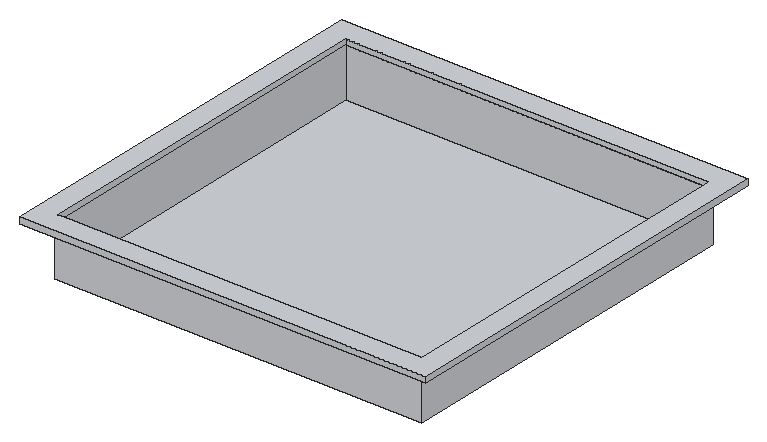
Revit family "Hager-FW-IP30-Without_Door-With_notch-leer-CH-de", category Electrical Equipment, host Face, Revit 2020
Family settings
  Host = Face
  Panel Configuration = Two Columns, Circuits Across
  Round Connector Dimension = Use Diameter
  Part Type = Panelboard
  Cut with Voids When Loaded = No
  Shared = No
  Room Calculation Point = No
Parameters (values of type "Unterputz IP30 B853 H853 T125 0 Teilungseinheiten - FWU53L")
  Width Control [instance] = if([HG000006 - Unterputz], if([EF000846 - Einbaubreite] > min_whd, [EF000846 - Einbaubreite], min_whd), if([EF000008 - Breite] > min_whd, ([EF000008 - Breite]), min_whd))  # 810 mm
  Void Depth [instance] = if([HG000006 - Unterputz], Depth Control, 1 mm)  # 112 mm
  Type Comments = [HG000003 - Bereich]  # "FW"
  System Height [instance] = Height Control - 2 * [HG000005 - Dicke]  # 796 mm
  Model = [HG000004 - Herstellerreferenz]  # "FWU53L"
  HG000017 - Distanz zwischen den Polen = 18 mm
  HG000016 - 3D-Türsichtbarkeit [instance] = yes
  HG000015 - Sichtbarkeit der Türöffnung [instance] = no
  HG000014 - Tür rechts [instance] = yes
  HG000013 - Tür links [instance] = not([HG000014 - Tür rechts])  # no
  HG000012 - Türschwenkwinkel [instance] = 45.00°
  HG000011 - Leere Reihen von unten = no
  HG000010 - Asymmetrische Türen = no
  HG000009 - Doppelflügeligen Tür = no
  HG000008 - Anzahl der leeren Reihen = 0
  HG000007 - Anzahl der leeren Spalten = 0
  HG000006 - Unterputz = yes
  HG000005 - Dicke = 3 mm  # constant formula
  HG000004 - Herstellerreferenz = "FWU53L"
  HG000003 - Bereich = "FW"
  HG000002 - Mit tür = no
  HG000001 - Anzahl der Spalten = 0
  EF015941 - Signaldurchlassende Tür = no
  EF015777 - Neutralleiterklemmenblock = no
  EF015776 - Erdungsklemmenblock = no
  EF009212 - Ausführung Deckel = "EV009916 - mit Ausschnitt"
  EF006306 - Mit Schloss = no
  EF006244 - Transparenter Deckel/Tür = yes
  EF005474 - Schutzart (IP) = "EV006410 - IP30"
  EF004462 - Art der Schließung = "EV000154 - sonstige"
  EF002950 - Breite in Teilungseinheiten = 0
  EF001596 - Werkstoff des Gehäuses = "EV000179 - Stahl"
  EF001134 - DIN-Schiene = yes
  EF001131 - Innentiefe = 112 mm
  EF001088 - Anbaumöglichkeit = yes
  EF001062 - EMV-Ausführung = no
  EF000846 - Einbaubreite = 810 mm
  EF000339 - Art der Abdeckung = "EV000494 - ohne"
  EF000332 - Einbauhöhe = 802 mm
  EF000266 - Anzahl der Reihen = 0
  EF000218 - Einbautiefe = 112 mm
  EF000118 - Mit Montageplatte = no
  EF000116 - RAL-Nummer = ""
  EF000049 - Tiefe = 125 mm
  EF000040 - Höhe = 853 mm
  EF000008 - Breite = 853 mm
  EF000007 - Farbe = "EV000202 - weiß"
  EF000003 - Montageart = "EV000128 - Hohlwand"
  Arrow Offset [instance] = Depth Control / 8  # 14 mm
  Arrow Height [instance] = Depth Control - Arrow Offset  # 98 mm
  Host Offset [instance] = if([HG000006 - Unterputz], 0 mm, [EF000049 - Tiefe])  # 0 mm
  min_whd [instance] = (2 * [HG000005 - Dicke]) + 1 mm  # 7 mm
  Manufacturer = "Hager"  # constant formula
  Height Control [instance] = if([HG000006 - Unterputz], if([EF000332 - Einbauhöhe] > min_whd, [EF000332 - Einbauhöhe], min_whd), if([EF000040 - Höhe] > min_whd, ([EF000040 - Höhe]), min_whd))  # 802 mm
  Flush Mounted - Door Frame Width [instance] = if(([EF000040 - Höhe] - [EF000332 - Einbauhöhe]) > 0 mm, if([HG000006 - Unterputz], [EF000040 - Höhe] - [EF000332 - Einbauhöhe], 0 mm), 0 mm)  # 51 mm
  Depth Control [instance] = if([HG000006 - Unterputz], if([EF000218 - Einbautiefe] > 0 mm, [EF000218 - Einbautiefe], 1 mm), if([EF000049 - Tiefe] > 0 mm, ([EF000049 - Tiefe]), 1 mm))  # 112 mm
  Default Elevation = 0 mm
Types (16, lengths in mm): name | Width Control | System Height | Model | HG000004 - Herstellerreferenz | EF000846 - Einbaubreite | EF000332 - Einbauhöhe | EF000040 - Höhe | EF000008 - Breite | Height Control
  Unterputz IP30 B353 H1003 T125 0 Teilungseinheiten - FWU61L | 310 | 946 | "FWU61L" | "FWU61L" | 310 | 952 | 1003 | 353 | 952
  Unterputz IP30 B353 H1153 T125 0 Teilungseinheiten - FWU71L | 310 | 1096 | "FWU71L" | "FWU71L" | 310 | 1102 | 1153 | 353 | 1102
  Unterputz IP30 B353 H1303 T125 0 Teilungseinheiten - FWU81L | 310 | 1246 | "FWU81L" | "FWU81L" | 310 | 1252 | 1303 | 353 | 1252
  Unterputz IP30 B353 H553 T125 0 Teilungseinheiten - FWU31L | 310 | 496 | "FWU31L" | "FWU31L" | 310 | 502 | 553 | 353 | 502
  Unterputz IP30 B353 H703 T125 0 Teilungseinheiten - FWU41L | 310 | 646 | "FWU41L" | "FWU41L" | 310 | 652 | 703 | 353 | 652
  Unterputz IP30 B353 H853 T125 0 Teilungseinheiten - FWU51L | 310 | 796 | "FWU51L" | "FWU51L" | 310 | 802 | 853 | 353 | 802
  Unterputz IP30 B603 H1003 T125 0 Teilungseinheiten - FWU62L | 560 | 946 | "FWU62L" | "FWU62L" | 560 | 952 | 1003 | 603 | 952
  Unterputz IP30 B603 H1153 T125 0 Teilungseinheiten - FWU72L | 560 | 1096 | "FWU72L" | "FWU72L" | 560 | 1102 | 1153 | 603 | 1102
  Unterputz IP30 B603 H553 T125 0 Teilungseinheiten - FWU32L | 560 | 496 | "FWU32L" | "FWU32L" | 560 | 502 | 553 | 603 | 502
  Unterputz IP30 B603 H703 T125 0 Teilungseinheiten - FWU42L | 560 | 646 | "FWU42L" | "FWU42L" | 560 | 652 | 703 | 603 | 652
  Unterputz IP30 B603 H853 T125 0 Teilungseinheiten - FWU52L | 560 | 796 | "FWU52L" | "FWU52L" | 560 | 802 | 853 | 603 | 802
  Unterputz IP30 B853 H1003 T125 0 Teilungseinheiten - FWU63L | 810 | 946 | "FWU63L" | "FWU63L" | 810 | 952 | 1003 | 853 | 952
  Unterputz IP30 B853 H1153 T125 0 Teilungseinheiten - FWU73L | 810 | 1096 | "FWU73L" | "FWU73L" | 810 | 1102 | 1153 | 853 | 1102
  Unterputz IP30 B853 H553 T125 0 Teilungseinheiten - FWU33L | 810 | 496 | "FWU33L" | "FWU33L" | 810 | 502 | 553 | 853 | 502
  Unterputz IP30 B853 H703 T125 0 Teilungseinheiten - FWU43L | 810 | 646 | "FWU43L" | "FWU43L" | 810 | 652 | 703 | 853 | 652
  Unterputz IP30 B853 H853 T125 0 Teilungseinheiten - FWU53L | 810 | 796 | "FWU53L" | "FWU53L" | 810 | 802 | 853 | 853 | 802
Reference planes
  plane 1 "Center (Front/Back)": y = 0
  plane 2: z = 0
  plane 3 "Center (Left/Right)": x = 0
  plane 4: z = 0
  plane 5: y = 54
  plane 6: z = -5
  plane 7: y = 452
  plane 8: y = 51
  plane 9: y = 853
  plane 10: z = -112
  plane 11: x = -405
  plane 12: x = 405
  plane 13: x = 402
  plane 14: x = -402
  plane 15: y = 850
  plane 16: z = -109
  plane 17: z = -3
  plane 18: z = -112
  plane 19: z = -3
Forms (mm)
  Extrusion 1, solid
    sketch origin (-583.045, 51, 1219.2) x (-1, 0, 0) y (0, 0, 1)
      loop
        line (-178.045, -1219.2) -> (-988.045, -1219.2) -> (-988.045, -1331.2) -> (-178.045, -1331.2) -> (-178.045, -1219.2)
    from 0 to 802 <- "Height Control"
  Extrusion 2, void
    sketch origin (-381.607, -4572, 0) x (0, -1, 0) y (-1, 0, 0)
      loop
        line (-5422, 20.393) -> (-5422, -783.607) -> (-4626, -783.607) -> (-4626, 20.393) -> (-5422, 20.393)
    from 0 to 109
  Extrusion 3, void
    sketch origin (0, 0, 0) x (1, 0, 0) y (0, 1, 0)
      loop
        line (-405, 51) -> (405, 51) -> (405, 853) -> (-405, 853) -> (-405, 51)
    from -112 to 1
  Extrusion 4, solid, detail levels coarse+medium
    sketch origin (-381.607, -4572, 0) x (-1, 0, 0) y (0, -1, 0)
      loop
        line (20.393, -5422) -> (20.393, -4626) -> (-783.607, -4626) -> (-783.607, -5422) -> (20.393, -5422)
    from 0 to -3
Cuts and joins
  Extrusion 2 cuts Extrusion 1
Dimensions and locks
  plane 4 to plane 6 = 5 mm
  "Host Offset": plane 4 to host face
  "Flush Mounted - Door Frame Width": plane 1 "Center (Front/Back)" to plane 8
  "HG000005 - Dicke": plane 5 to plane 8
  locked: connector elem to plane 3 "Center (Left/Right)"
  "Height Control": plane 9 to plane 8
  equal spacing: plane 9, plane 7, plane 8
  locked: connector elem to plane 7
  "Depth Control": plane 4 to plane 10
  "HG000005 - Dicke": plane 11 to plane 14
  "HG000005 - Dicke": plane 12 to plane 13
  equal spacing: plane 11, plane 3 "Center (Left/Right)", plane 12
  "Width Control": plane 11 to plane 12
  "Arrow Offset": nested 4 to plane 10
  "HG000005 - Dicke": plane 9 to plane 15
  "HG000005 - Dicke": plane 16 to plane 10
  "HG000005 - Dicke": plane 4 to plane 17
  "Void Depth": plane 2 to plane 18
  "HG000005 - Dicke": plane 4 to plane 19
  aligned and locked: plane 2 to host face
  aligned and locked: level to host face
  aligned and locked: plane 3 "Center (Left/Right)" to nested 2
  aligned and locked: nested 2 to plane 4
  aligned and locked: nested 2 to plane 8
  aligned and locked: nested 1 to plane 6
  aligned and locked: nested 1 to plane 5
  aligned and locked: nested 4 to plane 11
  aligned and locked: nested 3 to plane 4
  aligned and locked: Extrusion 1 sketch curve to plane 12
  aligned and locked: Extrusion 1 sketch curve to plane 11
  aligned and locked: nested 3 to plane 10
  aligned and locked: plane 10 to Extrusion 1 sketch curve
  aligned and locked: Extrusion 2 sketch curve to plane 5
  aligned and locked: Extrusion 2 sketch curve to plane 15
  aligned and locked: Extrusion 2 sketch curve to plane 14
  aligned and locked: Extrusion 2 sketch curve to plane 13
  aligned and locked: plane 11 to Extrusion 3 sketch curve
  aligned and locked: plane 9 to Extrusion 3 sketch curve
  aligned and locked: Extrusion 3 sketch curve to plane 8
  aligned and locked: plane 12 to Extrusion 3 sketch curve
  aligned and locked: nested 3 to plane 12
  aligned and locked: Extrusion 3 to plane 18
  aligned and locked: Extrusion 2 to plane 16
  aligned and locked: Extrusion 1 sketch curve to plane 4
  aligned and locked: Extrusion 4 to plane 17
  aligned and locked: Extrusion 4 sketch curve to plane 15
  aligned and locked: Extrusion 4 sketch curve to plane 13
  aligned and locked: Extrusion 4 sketch curve to plane 14
  aligned and locked: Extrusion 4 sketch curve to plane 5
Automatic sketch dimensions
  host sketch curve to host sketch curve = 1469.727 mm
  host sketch curve to host sketch curve = 1434.803 mm
Nested families
  nested 1: "Hager_Enclosure_System" at (0, 54, -5) x (1, 0, 0) z (0, 1, 0), Depth <- "HG000005 - Dicke", Height <- "System Height", Width <- "EF000008 - Breite", Border <- "HG000005 - Dicke", Flush_Mounted <- "HG000006 - Unterputz", Built-in_Width <- "EF000846 - Einbaubreite", Row_Module_Multiplicator <- "EF002950 - Breite in Teilungseinheiten", Total_No_Empty_Rows <- "HG000008 - Anzahl der leeren Reihen", Total_No_Rows <- "EF000266 - Anzahl der Reihen", Empty_Columns <- "HG000007 - Anzahl der leeren Spalten", Width_Control <- "Width Control", Empty_Rows_From_Bottom <- "HG000011 - Leere Reihen von unten", Distance_Between_Poles <- "HG000017 - Distanz zwischen den Polen", Rows_Count <- "EF000266 - Anzahl der Reihen", Columns_Count <- "HG000001 - Anzahl der Spalten", type "Hager_Enclosure_System", detail levels fine
    with Width_Control 810 mm, Width 853 mm, Total_No_Rows 0, Total_No_Empty_Rows 0, Total_No_Columns 1, System_Width 804 mm, Rows_Count 0, Rows_Column 0, Row_Module_Multiplicator 0, Panel_4 no, Panel_3 no, Panel_2 no, Panel_1 no, No_Panels_Ctrl 1, Hide_Columns yes, Height 796 mm, Flush_Mounted yes, Empty_Rows_From_Bottom no, Empty_Rows_Column 0, Empty_Columns 0, Distance_Between_Poles 18 mm, Depth 3 mm, Columns_Count 0, Column_Width 804 mm, Built-in_Width 810 mm, Border 3 mm
  nested 2: "Hager_Enclosure_Door" at (0, 51, 0) x (1, 0, 0) z (0, 1, 0), Border <- "HG000005 - Dicke", Door_Right <- "HG000014 - Tür rechts", Flush_Mounted <- "HG000006 - Unterputz", Depth <- "EF000049 - Tiefe", Width <- "EF000008 - Breite", Door_Left <- "HG000013 - Tür links", 3d_Door <- "HG000016 - 3D-Türsichtbarkeit", BuiltIn_Width <- "EF000846 - Einbaubreite", BuiltIn_Height <- "EF000332 - Einbauhöhe", BuiltIn_Depth <- "EF000218 - Einbautiefe", Angle <- "HG000012 - Türschwenkwinkel", Assymetrical <- "HG000010 - Asymmetrische Türen", Double <- "HG000009 - Doppelflügeligen Tür", Clearance <- "HG000015 - Sichtbarkeit der Türöffnung", Transparent <- "EF006244 - Transparenter Deckel/Tür", Door <- "HG000002 - Mit tür", Height_Ctrl <- "Height Control", Width_Ctrl <- "Width Control", Height <- "EF000040 - Höhe", type "Hager_Enclosure_Door", detail levels medium+fine
    with min_wh 7 mm, Width_Ctrl 810 mm, Width 853 mm, Transparent_Door_No_Bottom_Border no, Transparent yes, Leaf_Width 801 mm, Leaf_Tolerance 1.5 mm, Leaf_Height 793 mm, Leaf_2_Width 801 mm, Leaf_2_Offset 400.5 mm, Leaf_1_Width 801 mm, Leaf_1_Offset 400.5 mm, Height_Ctrl 802 mm, Height 853 mm, Frame_Width_Ctrl 43 mm, Frame_Width 43 mm, Frame_Internal_Offset 3 mm, Frame_Height_Ctrl 51 mm, Frame_Height 51 mm, Frame_Depth_Ctrl 13 mm, Frame_Depth 13 mm, Flush_Mounted yes, Double_Clearance_Ctrl no, Double no, Door_Right_Ctrl no, Door_Right yes, Door_Left_Ctrl no, Door_Left no, Door no, Depth 125 mm, Clearance_Depth 801 mm, Clearance_Ctrl no, Clearance no, BuiltIn_Width 810 mm, BuiltIn_Height 802 mm, BuiltIn_Depth 112 mm, Border 3 mm, Assymetrical no, Angle 45.00°, 3d_Door yes
  nested 3: "Hager_Enclosure_Symbol_Triangle" at (-405, 0, -112) x (1, 0, 0) z (0, -1, 0), Depth <- "Depth Control", Width <- "Width Control", type "Hager_Enclosure_Symbol_Triangle"
    with Width_Ctrl 810 mm, Width 810 mm, Depth_Ctrl 112 mm, Depth 112 mm
  nested 4: "Hager_Enclosure_Symbol_Arrow" at (-405, 0, -98) x (1, 0, 0) z (0, -1, 0), Height <- "Arrow Height", type "Hager_Enclosure_Symbol_Arrow"
    with Width_Inside 7.35 mm, Width 88.2 mm, Height_Ctrl 98 mm, Height 98 mm
Connectors
  electrical at (0, 452, -112)
    settings: on plane 10, index 1, voltage 0 V, apparent load 0 VA, apparent load phase1 0 VA, apparent load phase2 0 VA, apparent load phase3 0 VA, power factor 1, load classification "Other", number of poles 1, system type 30, power factor state 1, is connector primary yes, connector utility no, sub classification motor no, connector description ""
Definition of nested family "Hager_Enclosure_Door"
  Parameters (values of type "Hager_Enclosure_Door")
    min_wh [instance] = (2 * Border) + 1 mm  # 11 mm
    Width_Ctrl [instance] = 400 mm
    Width [instance] = 500 mm
    Transparent_Door_No_Bottom_Border [instance] = no
    Transparent [instance] = yes
    Leaf_Width [instance] = if((Width_Ctrl - 2 * Border - 2 * Leaf_Tolerance) > 0 mm, (Width_Ctrl - 2 * Border - 2 * Leaf_Tolerance), min_wh)  # 387 mm
    Leaf_Tolerance [instance] = 1.5 mm  # constant formula
    Leaf_Height [instance] = if((Height_Ctrl - 2 * Border - 2 * Leaf_Tolerance) > 0 mm, (Height_Ctrl - 2 * Border - 2 * Leaf_Tolerance), min_wh)  # 387 mm
    Leaf_2_Width [instance] = if(and(and(Double, Assymetrical), Door_Left), (Leaf_Width / 3) - (Leaf_Tolerance / 2), if(and(and(Double, Assymetrical), Door_Right), (Leaf_Width / 3) * 2 - (Leaf_Tolerance / 2), if(and(Double, not(Assymetrical)), (Leaf_Width / 2) - Leaf_Tolerance, Leaf_Width)))  # 387 mm
    Leaf_2_Offset [instance] = if(and(Double, Assymetrical), Leaf_2_Width / 2, if(and(Double, not(Assymetrical)), Leaf_Width / 4, Leaf_Width / 2))  # 193.5 mm
    Leaf_1_Width [instance] = if(and(and(Double, Assymetrical), Door_Right), (Leaf_Width / 3) - (Leaf_Tolerance / 2), if(and(and(Double, Assymetrical), Door_Left), (Width / 3) * 2 - (Leaf_Tolerance / 2), if(and(Double, not(Assymetrical)), (Leaf_Width / 2) - Leaf_Tolerance, Leaf_Width)))  # 387 mm
    Leaf_1_Offset [instance] = if(and(Double, Assymetrical), Leaf_1_Width / 2, if(and(Double, not(Assymetrical)), Leaf_Width / 4, Leaf_Width / 2))  # 193.5 mm
    Height_Ctrl [instance] = 400 mm
    Height [instance] = 500 mm
    Frame_Width_Ctrl [instance] = if(Frame_Width > 0 mm, Frame_Width, 1 mm)  # 1 mm
    Frame_Width [instance] = Width - BuiltIn_Width  # 0 mm
    Frame_Internal_Offset [instance] = if(Flush_Mounted, Border, 0 mm)  # 5 mm
    Frame_Height_Ctrl [instance] = if(Frame_Height > 0 mm, Frame_Height, 1 mm)  # 1 mm
    Frame_Height [instance] = Height - BuiltIn_Height  # 0 mm
    Frame_Depth_Ctrl [instance] = if(Frame_Depth > 0 mm, Frame_Depth, 1 mm)  # 1 mm
    Frame_Depth [instance] = if(Depth - BuiltIn_Depth > 0 mm, if(Flush_Mounted, Depth - BuiltIn_Depth, 0 mm), 0 mm)  # 0 mm
    Flush_Mounted [instance] = yes
    Double_Clearance_Ctrl [instance] = and(Double, Clearance)  # no
    Double [instance] = no
    Door_Right_Ctrl [instance] = and(or(Door_Right, Double), Door)  # yes
    Door_Right [instance] = yes
    Door_Left_Ctrl [instance] = and(or(Door_Left, Double), Door)  # no
    Door_Left [instance] = no
    Door [instance] = yes
    Depth [instance] = 500 mm
    Default Elevation = 1219.2 mm
    Clearance_Material = none
    Clearance_Depth [instance] = if(Leaf_1_Width > Leaf_2_Width, Leaf_1_Width, Leaf_2_Width)  # 387 mm
    Clearance_Ctrl [instance] = and(not(Double), Clearance)  # yes
    Clearance [instance] = yes
    BuiltIn_Width [instance] = 500 mm
    BuiltIn_Height [instance] = 500 mm
    BuiltIn_Depth [instance] = 500 mm
    Border [instance] = 5 mm
    Assymetrical [instance] = yes
    Angle [instance] = 30.00°
    3d_Door [instance] = yes
  Reference planes
    plane 1 "Center (Front/Back)": y = 0
    plane 2 "Bottom": z = 0
    plane 3 "Center (Left/Right)": x = 0
    plane 4: z = 400
    plane 5: x = -200
    plane 6: x = 200
    plane 7: z = 395
    plane 8: x = -195
    plane 9: z = 5
    plane 10: x = 195
    plane 11: y = 0
    plane 12: z = 6.5
    plane 13: x = -582
    plane 14: y = -387
    plane 15: x = 582
    plane 16: x = 0
    plane 17: x = 0
    plane 18: x = -193.5
    plane 19: x = 193.5
    plane 20: z = 393.5
  Forms (mm)
    Extrusion 1, solid, visible <- "Flush_Mounted"
      sketch origin (0, 0, 0) x (1, 0, 0) y (0, 0, 1)
        loop
          line (195, 5) -> (195, 395) -> (-195, 395) -> (-195, 5) -> (195, 5)
        loop
          line (-201, 401) -> (-201, -1) -> (201, -1) -> (201, 401) -> (-201, 401)
      from 0 to 1 <- "Frame_Depth_Ctrl"
    Extrusion 2, solid, material <- "Clearance_Material", visible <- "Double_Clearance_Ctrl"
      sketch origin (1200, 0, 0) x (1, 0, 0) y (0, 0, -1)
        loop
          line (-1782, -393.5) -> (-618, -393.5) -> (-618, 0) -> (-1782, 0) -> (-1782, -393.5)
      from 0 to -387
  Dimensions and locks
    equal spacing: plane 5, plane 3 "Center (Left/Right)", plane 6
    "Width_Ctrl": plane 5 to plane 6
    "Border": plane 5 to plane 8
    "Border": plane 6 to plane 10
    "Border": plane 9 to level
    "Border": plane 4 to plane 7
    "Height_Ctrl": plane 4 to level
    "Leaf_Tolerance": plane 12 to plane 9
    "Frame_Depth": plane 11 to plane 1 "Center (Front/Back)"
    "Frame_Width_Ctrl": plane 5 to Extrusion 1 sketch curve
    "Frame_Width_Ctrl": plane 6 to Extrusion 1 sketch curve
    "Frame_Width_Ctrl": Extrusion 1 sketch curve to plane 4
    "Frame_Width_Ctrl": plane 2 "Bottom" to Extrusion 1 sketch curve
    "Leaf_1_Offset": plane 18 to plane 16
    "Leaf_2_Offset": plane 17 to plane 19
    "Leaf_1_Width": plane 13 to plane 8
    "Leaf_2_Width": plane 10 to plane 15
    "Clearance_Depth": plane 14 to plane 1 "Center (Front/Back)"
    "Leaf_Tolerance": plane 8 to plane 18
    "Leaf_Tolerance": plane 19 to plane 10
    "Leaf_Tolerance": plane 7 to plane 20
    "Frame_Internal_Offset": plane 5 to Extrusion 1 sketch curve
    "Frame_Internal_Offset": Extrusion 1 sketch curve to plane 2 "Bottom"
    "Frame_Internal_Offset": plane 6 to Extrusion 1 sketch curve
    "Frame_Internal_Offset": plane 4 to Extrusion 1 sketch curve
    aligned and locked: level to plane 2 "Bottom"
    aligned and locked: nested 1 to plane 16
    aligned and locked: nested 2 to plane 17
    aligned and locked: Extrusion 2 to plane 13
    aligned and locked: plane 15 to Extrusion 2
    aligned and locked: Extrusion 2 to plane 14
    aligned and locked: plane 12 to nested 1
    aligned and locked: nested 2 to plane 12
    aligned and locked: Extrusion 2 to plane 11
    aligned and locked: plane 20 to Extrusion 2
    aligned and locked: nested 2 to plane 11
    aligned and locked: nested 1 to plane 11
  Automatic sketch dimensions
    Extrusion 2 sketch curve to level = 0 mm
    plane 5 to Extrusion 2 sketch curve = 382 mm
    plane 6 to Extrusion 2 sketch curve = 382 mm
    Extrusion 2 sketch curve to plane 4 = 6.5 mm
  Nested families
    nested 1: "Hager_Enclosure_Door_Leaf" at (0, 0, 6.5), Width <- "Leaf_1_Width", visible <- "Door_Left_Ctrl", Leaf_Height <- "Leaf_Height", Angle <- "Angle", Depth <- "Border", 3d_Door <- "3d_Door", Transparent <- "Transparent", Clearance Material <- "Clearance_Material", Clearance <- "Clearance_Ctrl", Transparent_Door_No_Bottom_Border <- "Transparent_Door_No_Bottom_Border", type "Hager_Enclosure_Door_Leaf"
      with Width 387 mm, Transparent_Door_No_Bottom_Border no, Transparent_Door_Border_Bottom_Top 25 mm, Transparent_Door_Border 25 mm, Transparent_Ctrl yes, Transparent yes, Standard no, Leaf_Height 387 mm, Glass_Offset 1 mm, Depth 5 mm, Clearance Material none, Clearance yes, Angle_Ctrl 30.00°, Angle 30.00°, 3d_Door yes
    nested 2: "Hager_Enclosure_Door_Leaf" at (0, 0, 6.5) x (-1, 0, 0) z (0, 0, 1), Width <- "Leaf_2_Width", visible <- "Door_Right_Ctrl", Leaf_Height <- "Leaf_Height", Angle <- "Angle", Depth <- "Border", 3d_Door <- "3d_Door", Transparent <- "Transparent", Clearance Material <- "Clearance_Material", Clearance <- "Clearance_Ctrl", Transparent_Door_No_Bottom_Border <- "Transparent_Door_No_Bottom_Border", type "Hager_Enclosure_Door_Leaf"
      with Width 387 mm, Transparent_Door_No_Bottom_Border no, Transparent_Door_Border_Bottom_Top 25 mm, Transparent_Door_Border 25 mm, Transparent_Ctrl yes, Transparent yes, Standard no, Leaf_Height 387 mm, Glass_Offset 1 mm, Depth 5 mm, Clearance Material none, Clearance yes, Angle_Ctrl 30.00°, Angle 30.00°, 3d_Door yes
  Definition of nested family "Hager_Enclosure_Door_Leaf"
    Parameters (values of type "Hager_Enclosure_Door_Leaf")
      Width [instance] = 2000 mm
      Transparent_Door_No_Bottom_Border [instance] = yes
      Transparent_Door_Border_Bottom_Top [instance] = if(Transparent_Door_No_Bottom_Border, 0.1 mm, Transparent_Door_Border)  # 0.1 mm
      Transparent_Door_Border [instance] = if(Transparent_Door_No_Bottom_Border, (Width * 0.12), 25 mm)  # 240 mm
      Transparent_Ctrl [instance] = and(Transparent, [3d_Door])  # yes
      Transparent [instance] = yes
      Standard [instance] = and(not(Transparent), [3d_Door])  # no
      Leaf_Height [instance] = 2720.336 mm
      Glass_Offset [instance] = if((Depth - 10 mm) / 2 > 0 mm, (Depth - 10 mm) / 2, 1 mm)  # 15 mm
      Glass_Material = none
      Depth [instance] = 40 mm
      Default Elevation = 0 mm
      Clearance Material [instance] = none
      Clearance [instance] = yes
      Angle_Ctrl [instance] = if(Angle > 170.00°, 170.00°, Angle)  # 45.00°
      Angle [instance] = 45.00°
      3d_Door [instance] = yes
    Reference planes
      plane 1 "Center (Front/Back)": y = 0
      plane 2: z = 0
      plane 3 "Center (Left/Right)": x = 0
      plane 4: y = 2000
      plane 5: x = -1000
      plane 6: x = 1000
      plane 7: x = -3000
      plane 8: z = 2720.336
      plane 9: z = 0.1
      plane 10: z = 2720.236
      plane 11: x = 760
      plane 12: x = -760
    Forms (mm)
      Extrusion 1, solid, material <- "Clearance Material", visible <- "Clearance"
        sketch origin (0, 0, 0) x (1, 0, 0) y (0, 0, 1)
          loop
            line (-3000, 2720.336) -> (-3000, 0) -> (1000, 0) -> (1000, 2720.336) -> (-3000, 2720.336)
        from 0 to -2000
      Extrusion 2, solid, visible <- "Standard", detail levels medium+fine
        sketch origin (-1000, 0, 0) x (0.707107, 0.707107, 0) y (-0.707107, 0.707107, 0)
          loop
            line (0, -40) -> (2000, -40) -> (2000, 0) -> (0, 0) -> (0, -40)
        from 0 to 2720.336 <- "Leaf_Height"
      Extrusion 3, solid, visible <- "Transparent_Ctrl", detail levels medium+fine
        sketch origin (-1000, 0, 0) x (0.707107, 0.707107, 0) y (-0.707107, 0.707107, 0)
          loop
            line (0, -40) -> (2000, -40) -> (2000, 0) -> (0, 0) -> (0, -40)
        from 0 to 2720.336 <- "Leaf_Height"
      Extrusion 4, void, detail levels medium+fine
        sketch origin (-1000, 0, 0) x (-0.707107, 0.707107, 0) y (0.707107, 0.707107, 0)
          loop
            line (0, 240) -> (0, 1760) -> (-40, 1760) -> (-40, 240) -> (0, 240)
        from -2720.236 to -0.1
      Extrusion 5, solid, material <- "Glass_Material", visible <- "Transparent_Ctrl", detail levels medium+fine
        sketch origin (-1000, 0, 0) x (0.707107, 0.707107, 0) y (-0.707107, 0.707107, 0)
          loop
            line (240, -15) -> (240, -25) -> (1760, -25) -> (1760, -15) -> (240, -15)
        from 0.1 to 2720.236
    Cuts and joins
      Extrusion 4 cuts Extrusion 3
    Lines and regions (mm)
      symbolic lines
        curve 1: line (1000, 0, 0) -> (-3000, 0, 0)
        curve 2: arc (1000, 0, 0) -> (-1000, 2000, 0) -> (-3000, 0, 0) r 2000
        curve 4: line (-1000, 0, 0) -> (414.214, 1414.214, 0)
      reference lines
        curve 3: line (-1000, 0, 0) -> (414.214, 1414.214, 0)
      symbolic lines, detail levels medium+fine
        curve 5: line (414.214, 1414.214, 0) -> (442.498, 1385.929, 0)
        curve 6: line (442.498, 1385.929, 0) -> (-971.716, -28.284, 0)
        curve 7: line (-971.716, -28.284, 0) -> (-1000, 0, 0)
        curve 8: line (-1000, 0, 2720.336) -> (1000, 0, 2720.336)
        curve 9: line (-1000, 0, 0) -> (-1000, 0, 2720.336)
        curve 10: line (1000, 0, 0) -> (-1000, 0, 0)
        curve 11: line (1000, 0, 2720.336) -> (1000, 0, 0)
      symbolic lines, visible <- "Transparent_Ctrl", detail levels medium+fine
        curve 12: line (-760, 0, 2720.236) -> (760, 0, 2720.236)
        curve 13: line (-760, 0, 0.1) -> (-760, 0, 2720.236)
        curve 14: line (760, 0, 0.1) -> (-760, 0, 0.1)
        curve 15: line (760, 0, 2720.236) -> (760, 0, 0.1)
    Dimensions and locks
      "Width": plane 1 "Center (Front/Back)" to plane 4
      equal spacing: plane 5, plane 3 "Center (Left/Right)", plane 6
      "Width": plane 5 to plane 6
      "Width": plane 7 to plane 5
      "Leaf_Height": plane 8 to level
      "Depth": curve 6 to curve 3
      "Width": curve 5 to curve 3
      "Width": curve 3 to curve 3
      "Transparent_Door_Border": Extrusion 4 sketch curve to curve 7
      "Transparent_Door_Border": Extrusion 4 sketch curve to curve 5
      "Transparent_Door_Border_Bottom_Top": plane 8 to plane 10
      "Transparent_Door_Border_Bottom_Top": plane 9 to level
      "Glass_Offset": Extrusion 5 sketch curve to curve 4
      "Glass_Offset": Extrusion 5 sketch curve to curve 6
      "Transparent_Door_Border": Extrusion 5 sketch curve to curve 5
      "Transparent_Door_Border": Extrusion 5 sketch curve to curve 7
      "Transparent_Door_Border": plane 12 to plane 5
      "Transparent_Door_Border": plane 6 to plane 11
      "Angle_Ctrl": angle plane 1 "Center (Front/Back)" to curve 3
      aligned and locked: level to plane 2
      aligned and locked: Extrusion 1 to curve 1
      aligned and locked: plane 6 to Extrusion 1
      aligned and locked: Extrusion 1 to plane 1 "Center (Front/Back)"
      aligned and locked: plane 4 to Extrusion 1
      aligned and locked: plane 8 to Extrusion 1
      aligned and locked: curve 4 to curve 3
      aligned and locked: Extrusion 2 sketch curve to curve 7
      aligned and locked: Extrusion 2 sketch curve to curve 6
      aligned and locked: Extrusion 2 sketch curve to curve 5
      aligned and locked: Extrusion 2 sketch curve to curve 3
      aligned and locked: curve 7 to Extrusion 3 sketch curve
      aligned and locked: Extrusion 3 sketch curve to curve 4
      aligned and locked: Extrusion 3 sketch curve to curve 6
      aligned and locked: Extrusion 3 sketch curve to curve 5
      aligned and locked: curve 4 to Extrusion 4 sketch curve
      aligned and locked: curve 6 to Extrusion 4 sketch curve
      aligned and locked: Extrusion 4 to plane 9
      aligned and locked: Extrusion 4 to plane 10
      aligned and locked: Extrusion 5 to plane 9
      aligned and locked: Extrusion 5 to plane 10
      aligned and locked: curve 8 to plane 8
      aligned and locked: plane 5 to curve 9
      aligned and locked: plane 2 to curve 10
      aligned and locked: curve 11 to plane 6
      aligned and locked: plane 10 to curve 12
      aligned and locked: plane 12 to curve 13
      aligned and locked: curve 14 to plane 9
      aligned and locked: plane 11 to curve 15
    Automatic sketch dimensions
      plane 1 "Center (Front/Back)" to curve 2 = 0 mm
      curve 2 to plane 5 = 0 mm
      Extrusion 1 sketch curve to level = 0 mm
      Extrusion 1 sketch curve to plane 7 = 0 mm
      Extrusion 1 sketch curve to plane 6 = 0 mm
      Extrusion 1 sketch curve to plane 8 = 0 mm
      plane 1 "Center (Front/Back)" to curve 3 = 0 mm
      curve 3 to plane 5 = 0 mm
      curve 7 to curve 3 = 0 mm
Definition of nested family "Hager_Enclosure_Symbol_Triangle"
  Parameters (values of type "Hager_Enclosure_Symbol_Triangle")
    Width_Ctrl [instance] = if(Width > 1 mm, Width, 1 mm)  # 498 mm
    Width [instance] = 498 mm
    Depth_Ctrl [instance] = if(Depth > 1 mm, Depth, 1 mm)  # 72 mm
    Depth [instance] = 72 mm
  Reference planes
    plane 1 "Centre (avant/arrière)": y = 0
    plane 2: z = 0
    plane 3 "Centre (gauche/droite)": x = 0
  Lines and regions (mm)
    Filled region 1, type "Solid_Black", in view "Niveau de réf."
      outline origin (0, 0, 0) x (1, 0, 0) y (0, 1, 0)
        loop
          line (0, 0) -> (498, 0) -> (498, 72) -> (0, 0)
    reference lines, in view "Niveau de réf."
      curve 1: line (-206.153, 72, 0) -> (1083.258, 72, 0)
      curve 2: line (498, 405.456, 0) -> (498, -517.619, 0)
  Dimensions and locks
    "Depth_Ctrl": plane 1 "Centre (avant/arrière)" to curve 1
    "Width_Ctrl": plane 3 "Centre (gauche/droite)" to curve 2
    aligned and locked: curve 1 to Filled region 1 sketch curve
    aligned and locked: Filled region 1 sketch curve to plane 1 "Centre (avant/arrière)"
    aligned and locked: curve 2 to Filled region 1 sketch curve
    aligned and locked: plane 3 "Centre (gauche/droite)" to Filled region 1 sketch curve
    aligned and locked: plane 1 "Centre (avant/arrière)" to Filled region 1 sketch curve
  Automatic sketch dimensions
    curve 1 to plane 3 "Centre (gauche/droite)" = 206.153 mm
    curve 2 to curve 1 = 585.258 mm
    plane 1 "Centre (avant/arrière)" to curve 2 = 517.619 mm
    curve 2 to plane 1 "Centre (avant/arrière)" = 405.456 mm
Definition of nested family "Hager_Enclosure_Symbol_Arrow"
  Parameters (values of type "Hager_Enclosure_Symbol_Arrow")
    Width_Inside [instance] = if(Width / 12 > 2 mm, Width / 12, 2 mm)  # 4.987 mm
    Width [instance] = if(Height_Ctrl * 0.9 > 2 mm, Height_Ctrl * 0.9, 2 mm)  # 59.85 mm
    Height_Ctrl [instance] = if(Height > 2 mm, Height, 2 mm)  # 66.5 mm
    Height [instance] = 66.5 mm
  Reference planes
    plane 1 "Centre (avant/arrière)": y = 0
    plane 2: z = 0
    plane 3 "Centre (gauche/droite)": x = 0
    plane 4: x = 59.85
    plane 5: y = 28.263
    plane 6: y = 38.238
    plane 7: y = 66.5
    plane 8: x = 29.925
    plane 9: y = 33.25
  Lines and regions (mm)
    Filled region 1, type "Solid_Black", in view "Niveau de réf."
      outline origin (0, 0, 0) x (1, 0, 0) y (0, 1, 0)
        loop
          line (59.85, 66.5) -> (37.929, 52.827) -> (51.846, 41.935) -> (59.85, 66.5)
    detail lines, in view "Niveau de réf."
      curve 1: line (0, 0, 0) -> (29.925, 38.238, 0)
      curve 2: line (29.925, 38.238, 0) -> (29.925, 28.263, 0)
      curve 3: line (29.925, 28.263, 0) -> (59.85, 66.5, 0)
  Dimensions and locks
    "Width": plane 3 "Centre (gauche/droite)" to plane 4
    "Height_Ctrl": plane 7 to plane 1 "Centre (avant/arrière)"
    equal spacing: plane 3 "Centre (gauche/droite)", plane 8, plane 4
    equal spacing: plane 7, plane 9, plane 1 "Centre (avant/arrière)"
    equal spacing: plane 6, plane 9, plane 5
    "Width_Inside": plane 6 to plane 9
    equal spacing: curve 3, Filled region 1 sketch curve, Filled region 1 sketch curve
    angle Filled region 1 sketch curve to curve 3 = 20.00°
    angle curve 3 to Filled region 1 sketch curve = 20.00°
    locked: curve 3 to Filled region 1 sketch curve (angle 90.00°)
  Automatic sketch dimensions
    plane 1 "Centre (avant/arrière)" to curve 1 = 0 mm
    curve 1 to plane 3 "Centre (gauche/droite)" = 0 mm
    curve 2 to plane 6 = 0 mm
    curve 3 to plane 8 = 0 mm
    curve 3 to plane 4 = 0 mm
    curve 2 to plane 5 = 0 mm
    curve 3 to plane 7 = 0 mm
    Filled region 1 sketch curve to plane 4 = 0 mm
    Filled region 1 sketch curve to plane 7 = 0 mm
